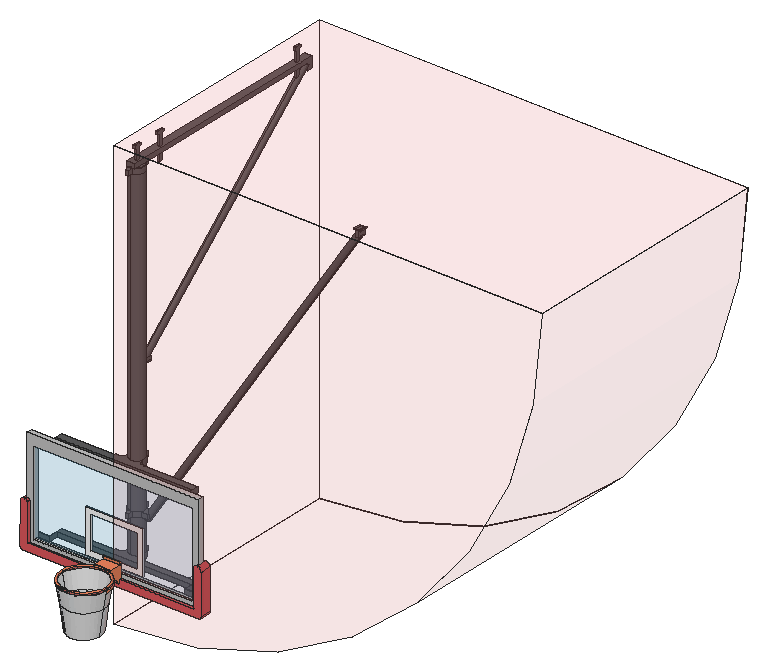
Revit family "Basketball_Backstop-Ceiling_Mount-Side_Fold-IPIbyBison-IP1345SF", category Specialty Equipment, Revit 2023
Family settings
  Round Connector Dimension = Use Diameter
  Part Type = Normal
  OmniClass Number = 23.40.50.34.14
  OmniClass Title = Gymnasium Equipment
  Enable Cutting in Views = No
  Always vertical = Yes
  Cut with Voids When Loaded = No
  Maintain Annotation Orientation = No
  Shared = No
  Room Calculation Point = No
Parameters (values of type "Right Fold")
  swingvis [instance] = and(Swing Clearance Visible, or(Fold Left, Fold Right))  # yes
  swingangle [instance] = if(Fold Left, 90.00°, -90.00°)  # -90.00°
  Unit Weight [instance] = 0
  URL = "https://ipibybison.com/"
  Swing Clearance Visible [instance] = yes
  Specification = "https://www.arcat.com/company/ipi-by-bison-38554/spec"
  Set Frame Below Truss Level [instance] = -0' - 1"
  Rim Color [instance] = Plastic - IPI by Bison - Orange OR
  Product Page URL = "https://www.arcat.com/arcatcos/cos38/arc38554.html"
  Net Color [instance] = Finish - IPI by Bison - White Netting
  Model = "IP1345SFR"
  Manufacturer = "IPI by Bison"
  Keynote = "11 66 00"
  Glass [instance] = Glass - IPI by Bison
  Frame Finish [instance] = Finish - IPI by Bison - Black
  Folding Clearance [instance] = ARCAT Clearance
  Fold Right = yes
  Fold Left = no
  F_Length of Piping Below Brace Point [instance] = 1' - 6"
  FF to Top of Hoop [instance] = 10' - 0"
  Description = "Back Folding Basketball Frame and Backboard, Ceiling Mount"
  Default Elevation = 0' - 0"
  Copyright = "© 2023 ARCAT"  # constant formula
  CAD Details = "https://www.arcat.com/company/ipi-by-bison-38554/cad"
  Backboard Type = Backboard_BA42XLGlass : Backboard_BA42XLGlass
  Backboard Square Color [instance] = Finish - IPI by Bison - White
  Backboard Padding Color [instance] = Plastic - IPI by Bison - Scarlet SC
  Backboard Frame Color [instance] = Finish - IPI by Bison - Satin Aluminum
  Backboard Distance from Wall [instance] = 7' - 0"
  B_Distance Between Y Frame Supports [instance] = 6' - 0"
  Available Options = "as Specified"
  A_Distance to Brace [instance] = 7' - 10"
Types (2): name | swingangle | Model | Fold Right | Fold Left
  Right Fold | -90.00° | "IP1345SFR" | yes | no
  Left Fold | 90.00° | "IP1345SFL" | no | yes
Reference planes (in)
  plane 1 "Center (Front/Back)": y = 0
  plane 2: z = 0
  plane 3 "Center (Left/Right)": x = 0
  plane 4: y = -84
  plane 5: z = 120
  plane 6: y = -72
  plane 7: y = 0
Forms (in)
  Revolve 1, solid, material "ARCAT Clearance" <- "Folding Clearance", visible <- "swingvis"
    sketch origin (0, 0, 0) x (0, 1, 0) y (0, 0, 1)
      loop
        line (12, 276) -> (-96, 276) -> (-96, 96) -> (12, 96) -> (12, 276)
      axis (12, 276) -> (-96, 276)
    angle from 0 to -90 <- "swingangle"
Dimensions and locks (in)
  "Backboard Distance from Wall": plane 4 to plane 1 "Center (Front/Back)"
  "FF to Top of Hoop": plane 5 to level
  locked: plane 4 to plane 6 at 12
  "B_Distance Between Y Frame Supports": plane 6 to plane 7
  locked: plane 7 to Revolve 1 sketch curve at 12
  locked: Revolve 1 sketch curve to plane 4 at 12
  locked: Revolve 1 sketch curve to plane 5 at 24
  aligned and locked: level to plane 2
  aligned and locked: plane 4 to nested 1
  aligned and locked: nested 2 to plane 3 "Center (Left/Right)"
  aligned and locked: nested 3 to plane 3 "Center (Left/Right)"
  aligned and locked: nested 2 to plane 4
  aligned and locked: plane 4 to nested 3
  aligned and locked: level to Revolve 1 sketch curve
Automatic sketch dimensions
  Revolve 1 sketch curve to level = 0' - 0"
  Revolve 1 sketch curve to Revolve 1 sketch curve = 1' - 10"
  Revolve 1 sketch curve to Revolve 1 sketch curve = 0' - 8"
Nested families (in)
  nested 1: "Backboard_BA42XLGlass" at (0, -84, 120) x (-1, 0, 0) z (0, 0, 1), built-in parameter 1001364 <- "FF to Top of Hoop", backboard color <- "Backboard Frame Color", backboard square color <- "Backboard Square Color", frame finish <- "Frame Finish", glass <- "Glass", rim finish <- "Rim Color", net color <- "Net Color", padding color <- "Backboard Padding Color", height offset <- "FF to Top of Hoop", type "Backboard_BA42XLGlass"
    with rim finish Plastic - IPI by Bison - Orange OR, padding color Plastic - IPI by Bison - Scarlet SC, net color Finish - IPI by Bison - White Netting, height offset 10' - 0", glass Glass - IPI by Bison, frame finish Finish - IPI by Bison - Black, backboard square color Finish - IPI by Bison - White, backboard color Finish - IPI by Bison - Satin Aluminum
  nested 2: "Frame_SFSB" at (0, -84, 275) x (0, -1, 0) z (0, 0, 1), built-in parameter 1001364 <- "Set Frame Below Truss Level", a <- "A_Distance to Brace", b <- "B_Distance Between Y Frame Supports", f <- "F_Length of Piping Below Brace Point", frame <- "Frame Finish", visible <- "Fold Right", type "Frame_SFSB"
    with frame Finish - IPI by Bison - Black, f 1' - 6", b 6' - 0", a 7' - 10"
  nested 3: "Frame_SFSB" at (0, -84, 275) x (0, -1, 0) z (0, 0, 1), built-in parameter 1001364 <- "Set Frame Below Truss Level", a <- "A_Distance to Brace", b <- "B_Distance Between Y Frame Supports", f <- "F_Length of Piping Below Brace Point", frame <- "Frame Finish", visible <- "Fold Left", type "Frame_SFSB"
    with frame Finish - IPI by Bison - Black, f 1' - 6", b 6' - 0", a 7' - 10"
Definition of nested family "Backboard_BA42XLGlass"
  Parameters (values of type "Backboard_BA42XLGlass")
    padding color [instance] = none
    net color [instance] = none
    rim finish [instance] = none
    height offset [instance] = 9' - 6"
    glass [instance] = none
    frame finish [instance] = none
    backboard square color [instance] = none
    backboard color [instance] = none
    Default Elevation = 4' - 0"
  Reference planes (in)
    plane 1 "Center (Front/Back)": y = 0
    plane 2: z = 0
    plane 3 "Center (Left/Right)": x = 0
    plane 4: z = -114
  Forms (in)
    Extrusion 1, solid, material <- "backboard color"
      sketch origin (-8.43545, 11.2937, 28.94441) x (1, 0, 0) y (0, 0, 1)
        loop
          line (-27.56455, 6.99989) -> (-27.56455, -35.00011) -> (44.43545, -35.00011) -> (44.43545, 6.99989) -> (-27.56455, 6.99989)
        loop
          line (41.81045, 2.74989) -> (-24.93955, 2.74989) -> (-24.93955, -32.37511) -> (41.81045, -32.37511) -> (41.81045, 2.74989)
      from 1.125 to -1.125
    Extrusion 2, solid, material <- "padding color"
      sketch origin (-8.43545, 11.2937, 29.06941) x (1, 0, 0) y (0, 0, 1)
        loop
          line (-27.55038, -17.62511) -> (-27.80038, -17.62511)
          arc (-27.80038, -17.62511) -> (-29.03781, -18.13767) -> (-29.55038, -19.37511) r 1.75
          line (-29.55038, -19.37511) -> (-29.55038, -36.12511)
          arc (-29.55038, -36.12511) -> (-29.25748, -36.83222) -> (-28.55038, -37.12511) r 1
          line (-28.55038, -37.12511) -> (45.44962, -37.12511)
          arc (45.44962, -37.12511) -> (46.15673, -36.83222) -> (46.44962, -36.12511) r 1
          line (46.44962, -36.12511) -> (46.44962, -19.37511)
          arc (46.44962, -19.37511) -> (45.93706, -18.13767) -> (44.69962, -17.62511) r 1.75
          line (44.69962, -17.62511) -> (44.42127, -17.62511)
          arc (44.42127, -17.62511) -> (43.71416, -17.918) -> (43.42127, -18.62511) r 1
          line (43.42127, -18.62511) -> (43.42127, -33.98376) -> (-26.55038, -33.98376) -> (-26.55038, -18.62511)
          arc (-26.55038, -18.62511) -> (-26.84327, -17.918) -> (-27.55038, -17.62511) r 1
      from -2.18697 to 2.14819
    Revolve 3, solid, material <- "net color"
      sketch origin (-8.43545, 27.4812, 28.93687) x (1, 0, 0) y (0, 0, 1)
        loop
          circle (-0.85808, -29.24642) r 0.3125
        loop
          line (-1.03195, -29.9762) -> (0.27041, -37.36226) -> (1.80132, -48.25521) -> (2.05377, -48.25521) -> (0.51737, -37.32314) -> (-0.77809, -29.9762) -> (-1.03195, -29.9762)
        axis (8.43545, -48.25521) -> (8.43545, -29.24642)
      angle from 0 to 360
    Revolve 4, solid, material <- "rim finish"
      sketch origin (0.02792, 11.2937, 0) x (0, 1, 0) y (0, 0, 1)
        loop
          line (6.79001, -0.625) -> (6.54001, -0.625) -> (6.54001, -2.125) -> (6.79001, -2.125) -> (6.79001, -0.625)
        axis (16.04001, -2.125) -> (16.04001, -0.625)
      angle from -90 to 90
    Extrusion 5, solid, material <- "rim finish"
      sketch origin (0, 0, 0) x (0, 1, 0) y (0, 0, 1)
        loop
          line (17.69724, 0) -> (12.8212, 0) -> (13.12361, 1.21287) -> (12.79369, 1.29513) -> (12.47078, 0) -> (12.47078, -6.5) -> (13.63137, -6.5) -> (17.69724, -2.43414) -> (17.69724, 0)
      from -3.50075 to 3.49925
    Extrusion 6, solid, material <- "backboard square color"
      sketch origin (0.02792, 11.2937, 0) x (1, 0, 0) y (0, 0, 1)
        loop
          line (-12.02792, 16.0023) -> (-12.02792, -1.9977) -> (11.97208, -1.9977) -> (11.97208, 16.0023) -> (-12.02792, 16.0023)
        loop
          line (-10.02792, 14.0023) -> (-10.02792, 0) -> (9.97208, 0) -> (9.97208, 14.0023) -> (-10.02792, 14.0023)
      from -0.44333 to 0.05679
    Extrusion 7, solid, material <- "glass"
      sketch origin (0.02792, 11.2937, 0) x (1, 0, 0) y (0, 0, 1)
        loop
          line (-33.40292, 31.6943) -> (-33.40292, -3.4307) -> (33.34708, -3.4307) -> (33.34708, 31.6943) -> (-33.40292, 31.6943)
      from -0.405 to 0
    Extrusion 8, solid, material <- "frame finish"
      sketch origin (0, 11.2937, 0) x (1, 0, 0) y (0, 1, 0)
        loop
          line (-28.5, -7.7495) -> (-6, -7.7495) -> (-6, -8.1245) -> (-4.12188, -8.1245) -> (-3.02199, -10.02957)
          arc (-3.02199, -10.02957) -> (-2.89931, -12.81607) -> (-0.66175, -14.4813) r 3.25
          line (-0.66175, -14.4813) -> (-0.66175, -16.28845) -> (0.60591, -16.28845) -> (0.60591, -14.4813)
          arc (0.60591, -14.4813) -> (2.82905, -12.84298) -> (2.98938, -10.08605) r 3.25
          line (2.98938, -10.08605) -> (4.12188, -8.1245) -> (6, -8.1245) -> (6, -7.7495) -> (28.5, -7.7495) -> (28.5, -1.4995) -> (33, -1.4995) -> (33, -1.125) -> (28.25, -1.125) -> (28.25, -4.7495) -> (-28.25, -4.7495) -> (-28.25, -1.125) -> (-33, -1.125) -> (-33, -1.4995) -> (-28.5, -1.4995) -> (-28.5, -7.7495)
      from -3.4307 to -1.5237
    Extrusion 9, solid, material <- "frame finish"
      sketch origin (0, 11.2937, 0) x (1, 0, 0) y (0, 1, 0)
        loop
          line (-28.5, -7.7495) -> (-6, -7.7495) -> (-6, -8.1245) -> (-4.12188, -8.1245) -> (-3.02199, -10.02957)
          arc (-3.02199, -10.02957) -> (-2.89931, -12.81607) -> (-0.66175, -14.4813) r 3.25
          line (-0.66175, -14.4813) -> (-0.66175, -16.28845) -> (0.60591, -16.28845) -> (0.60591, -14.4813)
          arc (0.60591, -14.4813) -> (2.82905, -12.84298) -> (2.98938, -10.08605) r 3.25
          line (2.98938, -10.08605) -> (4.12188, -8.1245) -> (6, -8.1245) -> (6, -7.7495) -> (28.5, -7.7495) -> (28.5, -1.4995) -> (33, -1.4995) -> (33, -1.125) -> (28.25, -1.125) -> (28.25, -4.7495) -> (-28.25, -4.7495) -> (-28.25, -1.125) -> (-33, -1.125) -> (-33, -1.4995) -> (-28.5, -1.4995) -> (-28.5, -7.7495)
      from 31.75979 to 34.1423
  Lines and regions (in)
    model lines
      curve 1: line (-0.00075, 0, 0) -> (-0.00075, 0, -114)
  Dimensions and locks (in)
    "height offset": level to plane 4
    aligned and locked: plane 2 to level
    aligned and locked: plane 4 to curve 1
  Automatic sketch dimensions
    curve 1 to level = 0' - 0"
    curve 1 to plane 3 "Center (Left/Right)" = 0' - 0.00075"
    Extrusion 1 sketch curve to plane 3 "Center (Left/Right)" = 3' - 0"
    Extrusion 1 sketch curve to Extrusion 1 sketch curve = 0' - 2 5/8"  (x2)
    plane 3 "Center (Left/Right)" to Extrusion 1 sketch curve = 2' - 9 3/8"
    Extrusion 1 sketch curve to level = 0' - 6.0557"
    Extrusion 1 sketch curve to level = 0' - 3.4307"
    level to Extrusion 1 sketch curve = 2' - 7.6943"
    Extrusion 1 sketch curve to Extrusion 1 sketch curve = 0' - 4 1/4"
    level to Extrusion 2 sketch curve = 0' - 9.6943"
    Extrusion 2 sketch curve to plane 3 "Center (Left/Right)" = 3' - 1.98582"
    Extrusion 2 sketch curve to Extrusion 2 sketch curve = 0' - 1"  (x4)
    Extrusion 2 sketch curve to Extrusion 2 sketch curve = 0' - 1 3/4"
    Extrusion 2 sketch curve to Extrusion 2 sketch curve = 0' - 0 1/4"
    level to Extrusion 2 sketch curve = 0' - 10.4443"
    plane 3 "Center (Left/Right)" to Extrusion 2 sketch curve = 2' - 10.98582"
    Extrusion 2 sketch curve to Extrusion 2 sketch curve = 0' - 0.27835"
    Extrusion 2 sketch curve to Extrusion 2 sketch curve = 0' - 2.02835"
    Extrusion 2 sketch curve to level = 0' - 4.91435"
    Extrusion 2 sketch curve to Extrusion 2 sketch curve = 0' - 2.14135"
    Revolve 3 sketch curve to plane 3 "Center (Left/Right)" = 0' - 0"
    Revolve 3 sketch curve to plane 3 "Center (Left/Right)" = 0' - 6.38167"
    Revolve 3 sketch curve to Revolve 3 sketch curve = 0' - 0.25246"
    Revolve 3 sketch curve to plane 3 "Center (Left/Right)" = 0' - 7.91808"
    Revolve 3 sketch curve to Revolve 3 sketch curve = 0' - 0.24696"
    Revolve 3 sketch curve to level = 0' - 1.03933"
    Revolve 3 sketch curve to Revolve 3 sketch curve = 0' - 1.0485"
    Revolve 3 sketch curve to level = 0' - 0.30954"
    Revolve 3 sketch curve to Revolve 3 sketch curve = 0' - 0.07999"
    Revolve 3 sketch curve to Revolve 3 sketch curve = 0' - 0.25386"
    Revolve 3 sketch curve to Revolve 3 sketch curve = 0' - 7.34694"
    Revolve 3 sketch curve to Revolve 3 sketch curve = 0' - 0.03911"
    Revolve 3 sketch curve to Revolve 3 sketch curve = 0' - 10.89295"
    Revolve 3 sketch curve to level = 0' - 0.00754"
    level to Revolve 3 sketch curve = 0' - 2.99246"
    Revolve 4 sketch curve to level = 0' - 2 1/8"
    Revolve 4 sketch curve to plane 1 "Center (Front/Back)" = 1' - 5.83371"
    Revolve 4 sketch curve to Revolve 4 sketch curve = 0' - 0 1/4"
    Revolve 4 sketch curve to level = 0' - 0 5/8"  (x2)
    Revolve 4 sketch curve to Revolve 4 sketch curve = 0' - 9 1/4"
    level to Revolve 4 sketch curve = 0' - 3 1/8"
    Extrusion 5 sketch curve to level = 0' - 0"  (x2)
    Extrusion 5 sketch curve to plane 1 "Center (Front/Back)" = 1' - 0.47078"
    level to Extrusion 5 sketch curve = 0' - 1.29513"
    Extrusion 5 sketch curve to Extrusion 5 sketch curve = 0' - 0.32291"
    Extrusion 5 sketch curve to Extrusion 5 sketch curve = 0' - 0.35043"
    Extrusion 5 sketch curve to Extrusion 5 sketch curve = 0' - 1.16059"
    Extrusion 5 sketch curve to Extrusion 5 sketch curve = 0' - 4.57363"
    Extrusion 5 sketch curve to Extrusion 5 sketch curve = 0' - 2.43414"
    Extrusion 5 sketch curve to Extrusion 5 sketch curve = 0' - 6 1/2"
    Extrusion 6 sketch curve to level = 0' - 0"
    Extrusion 6 sketch curve to level = 0' - 1.9977"
    Extrusion 6 sketch curve to plane 3 "Center (Left/Right)" = 1' - 0"
    Extrusion 6 sketch curve to Extrusion 6 sketch curve = 0' - 2"  (x3)
    plane 3 "Center (Left/Right)" to Extrusion 6 sketch curve = 0' - 10"
    Extrusion 6 sketch curve to Extrusion 6 sketch curve = 1' - 2.0023"
    Extrusion 7 sketch curve to plane 3 "Center (Left/Right)" = 2' - 9 3/8"
    Extrusion 7 sketch curve to level = 0' - 3.4307"
    plane 3 "Center (Left/Right)" to Extrusion 7 sketch curve = 2' - 9 3/8"
    level to Extrusion 7 sketch curve = 2' - 7.6943"
    Extrusion 8 sketch curve to Extrusion 8 sketch curve = 0' - 0"  (x3)
    plane 1 "Center (Front/Back)" to Extrusion 8 sketch curve = 0' - 0"
    Extrusion 8 sketch curve to plane 1 "Center (Front/Back)" = 0' - 9.7942"
    Extrusion 8 sketch curve to plane 3 "Center (Left/Right)" = 2' - 9"
    Extrusion 8 sketch curve to plane 1 "Center (Front/Back)" = 0' - 3.5442"
    Extrusion 8 sketch curve to Extrusion 8 sketch curve = 0' - 4 1/2"  (x2)
    Extrusion 8 sketch curve to Extrusion 8 sketch curve = 0' - 0 1/4"  (x2)
    Extrusion 8 sketch curve to plane 3 "Center (Left/Right)" = 0' - 6"
    Extrusion 8 sketch curve to Extrusion 8 sketch curve = 0' - 1.87812"  (x2)
    Extrusion 8 sketch curve to Extrusion 8 sketch curve = 0' - 1.09989"
    Extrusion 8 sketch curve to plane 3 "Center (Left/Right)" = 0' - 0.66175"
    Extrusion 8 sketch curve to plane 3 "Center (Left/Right)" = 0' - 0.02792"
    plane 3 "Center (Left/Right)" to Extrusion 8 sketch curve = 0' - 0.60591"
    Extrusion 8 sketch curve to plane 1 "Center (Front/Back)" = 0' - 1.20765"
    plane 3 "Center (Left/Right)" to Extrusion 8 sketch curve = 0' - 2.98938"
    Extrusion 8 sketch curve to Extrusion 8 sketch curve = 0' - 1.1325"
    Extrusion 8 sketch curve to plane 1 "Center (Front/Back)" = 0' - 10.1687"
    Extrusion 8 sketch curve to Extrusion 8 sketch curve = 1' - 10 1/4"
    Extrusion 8 sketch curve to Extrusion 8 sketch curve = 0' - 1.80715"
    Extrusion 8 sketch curve to Extrusion 8 sketch curve = 0' - 0 3/8"  (x2)
    Extrusion 8 sketch curve to plane 1 "Center (Front/Back)" = 0' - 3.1692"
    Extrusion 8 sketch curve to Extrusion 8 sketch curve = 0' - 3"
    Extrusion 8 sketch curve to Extrusion 8 sketch curve = 0' - 0.3745"  (x2)
    Extrusion 9 sketch curve to Extrusion 9 sketch curve = 0' - 0"  (x3)
    plane 1 "Center (Front/Back)" to Extrusion 9 sketch curve = 0' - 0"
    Extrusion 9 sketch curve to plane 1 "Center (Front/Back)" = 0' - 9.7942"
    Extrusion 9 sketch curve to plane 3 "Center (Left/Right)" = 2' - 9"
    Extrusion 9 sketch curve to plane 1 "Center (Front/Back)" = 0' - 3.5442"  (x2)
    Extrusion 9 sketch curve to Extrusion 9 sketch curve = 0' - 4 1/2"  (x2)
    Extrusion 9 sketch curve to Extrusion 9 sketch curve = 0' - 0 1/4"  (x2)
    Extrusion 9 sketch curve to plane 3 "Center (Left/Right)" = 0' - 6"
    Extrusion 9 sketch curve to Extrusion 9 sketch curve = 0' - 1.87812"  (x2)
    Extrusion 9 sketch curve to Extrusion 9 sketch curve = 0' - 1.09989"
    Extrusion 9 sketch curve to plane 3 "Center (Left/Right)" = 0' - 0.66175"
    Extrusion 9 sketch curve to plane 3 "Center (Left/Right)" = 0' - 0.02792"
    plane 3 "Center (Left/Right)" to Extrusion 9 sketch curve = 0' - 0.60591"
    Extrusion 9 sketch curve to plane 1 "Center (Front/Back)" = 0' - 1.20765"
    plane 3 "Center (Left/Right)" to Extrusion 9 sketch curve = 0' - 2.98938"
    Extrusion 9 sketch curve to Extrusion 9 sketch curve = 0' - 1.1325"
    Extrusion 9 sketch curve to plane 1 "Center (Front/Back)" = 0' - 10.1687"
    Extrusion 9 sketch curve to Extrusion 9 sketch curve = 1' - 10 1/4"
    Extrusion 9 sketch curve to Extrusion 9 sketch curve = 0' - 1.80715"
    Extrusion 9 sketch curve to Extrusion 9 sketch curve = 0' - 0 3/8"
    Extrusion 9 sketch curve to plane 1 "Center (Front/Back)" = 0' - 3.1692"
    Extrusion 9 sketch curve to Extrusion 9 sketch curve = 0' - 3"
    Extrusion 9 sketch curve to Extrusion 9 sketch curve = 0' - 0.3745"  (x2)
    radius of Revolve 3 sketch curve = 0' - 0 5/16"
Definition of nested family "Frame_SFSB"
  Parameters (values of type "Frame_SFSB")
    frame [instance] = none
    f [instance] = 1' - 6"
    b [instance] = 3' - 0"
    a [instance] = 7' - 10"
    Default Elevation = 4' - 0"
  Reference planes (in)
    plane 1 "Center (Front/Back)": y = 0
    plane 2: z = 0
    plane 3 "Center (Left/Right)": x = 0
    plane 4: z = -4.125
    plane 5: z = -159.08066
    plane 6: z = -141.08066
    plane 7: y = 94
    plane 8: x = -12
    plane 9: x = -48
  Forms (in)
    Extrusion 1, solid, material <- "frame"
      sketch origin (0, 0, 0) x (-1, 0, 0) y (0, 0, 1)
        loop
          line (-3, -10.93966) -> (52, -10.93966) -> (52, -13.93966) -> (54, -13.93966) -> (54, -9.12716) -> (-3, -9.12716) -> (-3, -10.93966)
      from -1.5 to 1.5
    Sweep 2, solid, material <- "frame"
      path origin (0, 0, 0) x (-1, 0, 0) y (0, 0, 1)
        loop
          line (52.82457, -11.97955) -> (4.2199, -85.60455)
      profile origin (-28.52224, 0, -48.79205) x (-0.834546, 0, -0.550938) y (0, 1, 0)
        loop
          circle (0, 0) r 1.1875
    Extrusion 3, solid, material <- "frame"
      sketch origin (0, 0, 0) x (-1, 0, 0) y (0, 0, 1)
        loop
          line (11.5, -3.57547) -> (10.8199, -3.57547) -> (10.8199, -4.57547) -> (11.5, -4.57547) -> (11.5, -14.94659) -> (12.5, -14.94659) -> (12.5, -4.50272) -> (13.68819, -4.50272) -> (13.68819, -3.67379) -> (12.875, -3.67379) -> (12.875, -3.45566) -> (11.5, -3.45566) -> (11.5, -3.57547)
        loop
          line (47.5, -3.57547) -> (46.8199, -3.57547) -> (46.8199, -4.57547) -> (47.5, -4.57547) -> (47.5, -14.94659) -> (48.5, -14.94659) -> (48.5, -4.50272) -> (49.68819, -4.50272) -> (49.68819, -3.67379) -> (48.875, -3.67379) -> (48.875, -3.45566) -> (47.5, -3.45566) -> (47.5, -3.57547)
        loop
          line (-0.5, -3.57547) -> (-1.1801, -3.57547) -> (-1.1801, -4.57547) -> (-0.5, -4.57547) -> (-0.5, -14.94659) -> (0.5, -14.94659) -> (0.5, -4.50272) -> (1.68819, -4.50272) -> (1.68819, -3.67379) -> (0.875, -3.67379) -> (0.875, -3.45566) -> (-0.5, -3.45566) -> (-0.5, -3.57547)
      from -0.4375 to 0.4375
    Extrusion 4, solid, material <- "frame"
      sketch origin (0, 0, 0) x (0, -1, 0) y (0, 0, 1)
        loop
          line (-1.5, -85.08066) -> (-1.5, -86.58066)
          arc (-1.5, -86.58066) -> (-1.35355, -86.93421) -> (-1, -87.08066) r 0.5
          line (-1, -87.08066) -> (1, -87.08066)
          arc (1, -87.08066) -> (1.35355, -86.93421) -> (1.5, -86.58066) r 0.5
          line (1.5, -86.58066) -> (1.5, -85.08066) -> (-1.5, -85.08066)
      from -0.06845 to 5.8145
    Extrusion 5, solid, material <- "frame"
      sketch origin (0, 0, 0) x (-1, 0, 0) y (0, -1, 0)
        loop
          circle (0, 0) r 3
      from -159.08066 to -10.81466
    Extrusion 6, solid, material <- "frame"
      sketch origin (0, 0, 0) x (-1, 0, 0) y (0, -1, 0)
        loop
          line (-5.03472, 0.60591) -> (-5.03472, -0.60591) -> (-3.12072, -0.60591)
          arc (-3.12072, -0.60591) -> (0, -3.179) -> (3.12072, -0.60591) r 3.179
          line (3.12072, -0.60591) -> (5.03472, -0.60591) -> (5.03472, 0.60591) -> (3.12072, 0.60591)
          arc (3.12072, 0.60591) -> (0, 3.179) -> (-3.12072, 0.60591) r 3.179
          line (-3.12072, 0.60591) -> (-5.03472, 0.60591)
      from -13.07366 to -11.07366
    Sweep 7, solid, material <- "frame"
      path origin (0, 0, 0) x (0, -1, 0) y (0, 0, 1)
        loop
          line (-4.7442, -142.54073) -> (-94, -3.76608)
      profile origin (0, 49.3721, -73.15341) x (0, 0.841058, -0.540944) y (-1, 0, 0)
        loop
          circle (0, 0) r 1.1875
    Extrusion 8, solid, material <- "frame"
      sketch origin (0, 0, 0) x (-1, 0, 0) y (0, -1, 0)
        loop
          line (-5.03472, 0.60591) -> (-5.03472, -0.60591) -> (-3.12072, -0.60591)
          arc (-3.12072, -0.60591) -> (-2.55821, -1.88723) -> (-1.5, -2.80286) r 3.179
          line (-1.5, -2.80286) -> (-1.5, -6.10591) -> (1.5, -6.10591) -> (1.5, -2.80286)
          arc (1.5, -2.80286) -> (2.55821, -1.88723) -> (3.12072, -0.60591) r 3.179
          line (3.12072, -0.60591) -> (5.03472, -0.60591) -> (5.03472, 0.60591) -> (3.12072, 0.60591)
          arc (3.12072, 0.60591) -> (0, 3.179) -> (-3.12072, 0.60591) r 3.179
          line (-3.12072, 0.60591) -> (-5.03472, 0.60591)
      from -142.08066 to -140.08066
    Extrusion 9, solid, material <- "frame"
      sketch origin (0, 0, -1.125) x (0, -1, 0) y (0, 0, 1)
        loop
          line (-94.625, -0.80732) -> (-94.625, -3.80732) -> (-93.375, -3.80732) -> (-93.375, -0.80732) -> (-94.625, -0.80732)
      from -1.5 to 1.5
    Extrusion 10, solid, material <- "frame"
      sketch origin (0, 0, -1.125) x (0, -1, 0) y (0, 0, 1)
        loop
          line (-95.5, -0.80732) -> (-95.5, -1.05732) -> (-92.5, -1.05732) -> (-92.5, -0.80732) -> (-95.5, -0.80732)
      from -1.5 to 1.5
  Dimensions and locks (in)
    locked: level to plane 4 at 4.125
    "f": plane 6 to plane 5
    locked: level to plane 6 at 141.08066
    locked: plane 3 "Center (Left/Right)" to Sweep 2 sketch curve at 4.2199
    locked: plane 4 to Sweep 2 sketch curve at 7.85455
    locked: Extrusion 1 sketch curve to Extrusion 1 sketch curve at 2
    Extrusion 3 sketch curve to Extrusion 3 sketch curve to Extrusion 3 sketch curve to Extrusion 3 sketch curve to Extrusion 3 sketch curve to Extrusion 3 sketch curve = 0' - 0.81319" locked, 0' - 0 3/8" locked, 0' - 1", 0' - 0" locked, 0' - 0.6801" locked  (x3)
    "a": plane 1 "Center (Front/Back)" to plane 7
    Extrusion 10 sketch curve to plane 7 to Extrusion 10 sketch curve = 0' - 1 1/2" locked, 0' - 1 1/2" locked
    Extrusion 9 sketch curve to plane 7 to Extrusion 9 sketch curve = 0' - 0 5/8" locked, 0' - 0 5/8" locked
    locked: plane 7 to Sweep 7 sketch curve at 0
    locked: level to Sweep 7 sketch curve at 3.76608
    locked: plane 6 to Sweep 7 sketch curve at 1.46007
    locked: plane 1 "Center (Front/Back)" to Sweep 7 sketch curve at 4.7442
    Extrusion 4 sketch curve to Extrusion 4 sketch curve to plane 6 = 0' - 2" locked, 4' - 6" locked
    locked: plane 3 "Center (Left/Right)" to plane 8 at 12
    "b": plane 8 to plane 9
    locked: plane 9 to Extrusion 3 sketch curve at 1.68819
    locked: plane 8 to Extrusion 3 sketch curve at 1.68819
    locked: plane 9 to Extrusion 1 sketch curve at 4
    locked: Extrusion 1 sketch curve to plane 3 "Center (Left/Right)" at 3
    locked: plane 9 to Sweep 2 sketch curve at 4.82457
    locked: plane 4 to Sweep 2 sketch curve at 81.47955
    locked: plane 3 "Center (Left/Right)" to Extrusion 3 sketch curve at 1.68819
    aligned and locked: plane 2 to level
    aligned and locked: plane 5 to Extrusion 5
  Automatic sketch dimensions
    Extrusion 1 sketch curve to plane 4 = 0' - 6.81466"
    Extrusion 1 sketch curve to plane 4 = 0' - 9.81466"
    Extrusion 1 sketch curve to Extrusion 1 sketch curve = 0' - 1 13/16"
    Sweep 2 sketch curve to profile plane = 0' - 0"
    profile plane to Sweep 2 sketch curve = 0' - 0"
    Extrusion 4 sketch curve to plane 1 "Center (Front/Back)" = 0' - 1 1/2"
    Extrusion 4 sketch curve to Extrusion 4 sketch curve = 0' - 0 1/2"  (x2)
    plane 1 "Center (Front/Back)" to Extrusion 4 sketch curve = 0' - 1"
    plane 1 "Center (Front/Back)" to Extrusion 5 sketch curve = 0' - 0"
    Extrusion 5 sketch curve to plane 3 "Center (Left/Right)" = 0' - 0"
    Extrusion 6 sketch curve to Extrusion 6 sketch curve = 0' - 0"  (x3)
    plane 1 "Center (Front/Back)" to Extrusion 6 sketch curve = 0' - 0"
    Extrusion 6 sketch curve to plane 3 "Center (Left/Right)" = 0' - 0"
    Extrusion 6 sketch curve to plane 1 "Center (Front/Back)" = 0' - 0.60591"  (x2)
    plane 3 "Center (Left/Right)" to Extrusion 6 sketch curve = 0' - 3.12072"
    plane 1 "Center (Front/Back)" to Extrusion 6 sketch curve = 0' - 0.60591"  (x2)
    Extrusion 6 sketch curve to Extrusion 6 sketch curve = 0' - 1.914"  (x2)
    Extrusion 6 sketch curve to plane 3 "Center (Left/Right)" = 0' - 3.12072"
    profile plane to Sweep 7 sketch curve = 0' - 0"
    Sweep 7 sketch curve to profile plane = 0' - 0"
    Extrusion 9 sketch curve to plane 4 = 0' - 0.80732"
    Extrusion 9 sketch curve to level = 0' - 1.93232"
    plane 4 to Extrusion 10 sketch curve = 0' - 1.94268"
    Extrusion 10 sketch curve to Extrusion 10 sketch curve = 0' - 0 1/4"
    Extrusion 8 sketch curve to Extrusion 8 sketch curve = 0' - 0"  (x6)
    plane 1 "Center (Front/Back)" to Extrusion 8 sketch curve = 0' - 0"
    Extrusion 8 sketch curve to plane 3 "Center (Left/Right)" = 0' - 0"
    plane 3 "Center (Left/Right)" to Extrusion 8 sketch curve = 0' - 1 1/2"
    Extrusion 8 sketch curve to plane 1 "Center (Front/Back)" = 0' - 0.60591"  (x2)
    plane 3 "Center (Left/Right)" to Extrusion 8 sketch curve = 0' - 3.12072"
    plane 1 "Center (Front/Back)" to Extrusion 8 sketch curve = 0' - 0.60591"  (x2)
    Extrusion 8 sketch curve to Extrusion 8 sketch curve = 0' - 1.914"  (x2)
    Extrusion 8 sketch curve to plane 3 "Center (Left/Right)" = 0' - 1 1/2"
    Extrusion 8 sketch curve to plane 3 "Center (Left/Right)" = 0' - 3.12072"
    Extrusion 8 sketch curve to Extrusion 8 sketch curve = 0' - 3.30305"
    plane 4 to Extrusion 3 sketch curve = 0' - 0.45121"  (x3)
    Extrusion 3 sketch curve to plane 4 = 0' - 0.37772"  (x3)
    Extrusion 3 sketch curve to plane 4 = 0' - 0.45047"  (x3)
    Extrusion 3 sketch curve to Extrusion 3 sketch curve = 0' - 10.37112"  (x3)
    plane 4 to Extrusion 3 sketch curve = 0' - 0.54953"  (x3)
    Extrusion 3 sketch curve to Extrusion 3 sketch curve = 0' - 0.21814"  (x3)
    radius of Sweep 2 sketch curve = 0' - 1 3/16"
    radius of Extrusion 5 sketch curve = 0' - 3"
    radius of Sweep 7 sketch curve = 0' - 1 3/16"
